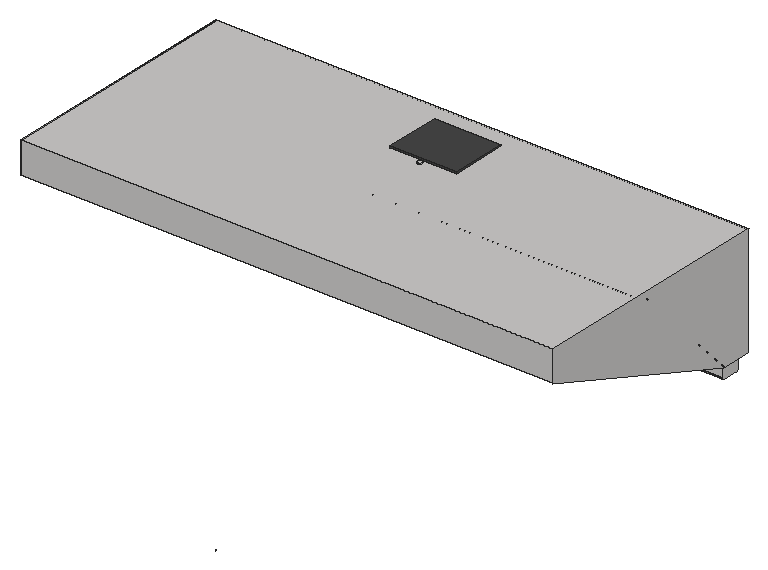
Revit family "QF_ELECTROLUXPROFESSIONAL_644194_AMPV1124BT", category Specialty Equipment, Revit 2014
Reference planes
  plane 1 "Center (Front/Back)": y = 0
  plane 2: z = 0
  plane 3 "Center (Left/Right)": x = 150
  plane 4 "LEFT": x = -1050
  plane 5 "RIGHT": x = 1350
  plane 6 "BACK": y = 550
  plane 7 "FRONT": y = -550
  plane 8 "Plane": z = 2000
  plane 9 "TOP": z = 2140
  plane 10 "Base": z = 1640
  plane 11: z = 1566
  plane 12 "DrainY": y = 485
  plane 13: x = -1047
  plane 14: through (0, 414.509, 1640.8) normal (0, 0.7314, 0.682)
  plane 15: y = 470
  plane 16: y = 220
  plane 17 "DrainX": x = 1230
  plane 18: x = 300
  plane 19: x = 0
  plane 20: x = 1347
  plane 21: x = 1140
  plane 22: x = 1320
  plane 23: x = -1010
  plane 24: x = -645
  plane 25: x = -450
  plane 26: x = 1310
  plane 27: x = 945
  plane 28: x = 750
  plane 29: x = -47.5
  plane 30: x = 347.5
  plane 31: y = 200
Forms (mm)
  Extrusion 1, solid, material "QF_Finishes_Stainless Steel"
    sketch origin (-1050, 0, 0) x (0, 1, 0) y (0, 0, 1)
      loop
        line (550, 1640) -> (550, 2140) -> (-550, 2140) -> (-550, 1999.112) -> (413.973, 1640) -> (550, 1640)
    from 0 to 3
  Extrusion 2, solid, material "QF_Finishes_Stainless Steel"
    sketch origin (150, 0, 0) x (0, 1, 0) y (0, 0, 1)
      loop
        line (415.255, 1640) -> (550, 1640) -> (550, 2139.19) -> (549.2, 2139.19) -> (549.2, 1640.8) -> (415.876, 1640.8) -> (339.347, 1722.867) -> (349.609, 1732.436) -> (348.927, 1733.167) -> (337.934, 1722.917) -> (415.255, 1640)
      loop
        line (-82.203, 2139.19) -> (-82.203, 2118.6) -> (-31.047, 2118.6) -> (34.354, 2048.466) -> (46.028, 2059.352) -> (45.346, 2060.083) -> (34.403, 2049.879) -> (-30.612, 2119.6) -> (-81.203, 2119.6) -> (-81.203, 2139.19) -> (-82.203, 2139.19)
    from -1197 to 1197
  Extrusion 3, solid, material "QF_Finishes_Stainless Steel"
    sketch origin (1350, 0, 0) x (0, 1, 0) y (0, 0, 1)
      loop
        line (550, 1640) -> (550, 2140) -> (-550, 2140) -> (-550, 1999.112) -> (413.973, 1640) -> (550, 1640)
    from 0 to -3
  Extrusion 4, solid, material "QF_Finishes_Stainless Steel"
    sketch origin (150, 0, 0) x (0, 1, 0) y (0, 0, 1)
      loop
        line (-550, 2140) -> (-550, 2000) -> (-549.2, 2000) -> (-549.2, 2139.19) -> (550, 2139.19) -> (550, 2140) -> (-550, 2140)
    from -1200 to 1200
  Extrusion 5, solid, material "QF_Finishes_Stainless Steel"
    sketch origin (150, 0, 0) x (0, 1, 0) y (0, 0, 1)
      loop
        line (534, 1640) -> (436, 1640) -> (436, 1627) -> (443.5, 1627) -> (443.5, 1576)
        arc (443.5, 1576) -> (446.429, 1568.929) -> (453.5, 1566) r 10
        line (453.5, 1566) -> (516.5, 1566)
        arc (516.5, 1566) -> (523.571, 1568.929) -> (526.5, 1576) r 10
        line (526.5, 1576) -> (526.5, 1627) -> (534, 1627) -> (534, 1640)
    from 990 to 1170
  Extrusion 6, solid, material "QF_Finishes_Stainless Steel"
    sketch origin (0, 0, 1640) x (0, 1, 0) y (-1, 0, 0)
      loop
        circle (485, -1230) r 20
    from -76 to -74
  Extrusion 7, solid, material "QF_Finished_Chrome"
    sketch origin (150, 0, 0) x (0, 1, 0) y (0, 0, 1)
      loop
        line (337.934, 1722.917) -> (341.591, 1726.327) -> (38.011, 2051.876) -> (34.354, 2048.466) -> (337.934, 1722.917)
    from -795 to -1160
  Extrusion 8, solid, material "QF_Finished_Chrome"
    sketch origin (150, 0, 0) x (0, 1, 0) y (0, 0, 1)
      loop
        line (337.934, 1722.917) -> (341.591, 1726.327) -> (38.011, 2051.876) -> (34.354, 2048.466) -> (337.934, 1722.917)
    from -197.5 to -600
  Extrusion 9, solid, material "QF_Finishes_Stainless Steel"
    sketch origin (150, 0, 0) x (0, 1, 0) y (0, 0, 1)
      loop
        line (337.934, 1722.917) -> (341.591, 1726.327) -> (38.011, 2051.876) -> (34.354, 2048.466) -> (337.934, 1722.917)
    from 1197 to 1160
  Extrusion 10, solid, material "QF_Finishes_Stainless Steel"
    sketch origin (150, 0, 0) x (0, 1, 0) y (0, 0, 1)
      loop
        line (341.588, 1726.324) -> (38.009, 2051.874) -> (34.354, 2048.466) -> (337.934, 1722.917) -> (341.588, 1726.324)
    from -795 to -600
  Extrusion 11, solid, material "QF_Finished_Chrome"
    sketch origin (150, 0, 0) x (0, 1, 0) y (0, 0, 1)
      loop
        line (341.588, 1726.324) -> (38.009, 2051.874) -> (34.354, 2048.466) -> (337.934, 1722.917) -> (341.588, 1726.324)
    from 795 to 1160
  Extrusion 12, solid, material "QF_Finishes_Black"
    sketch origin (0, 0, 2140) x (0, 1, 0) y (-1, 0, 0)
      loop
        line (470, 0) -> (220, 0) -> (220, -300) -> (470, -300) -> (470, 0)
    from 5 to 0
  Extrusion 13, solid, material "QF_Finishes_Stainless Steel"
    sketch origin (0, 0, 0) x (1, 0, 0) y (0, 1, 0)
      loop
        line (-1050, 550) -> (-1050, 549) -> (-1049, 549) -> (-1049, 550) -> (-1050, 550)
    from 0 to 1
  Extrusion 14, solid, material "QF_Finishes_Stainless Steel"
    sketch origin (150, 0, 0) x (0, 1, 0) y (0, 0, 1)
      loop
        line (337.934, 1722.917) -> (341.591, 1726.327) -> (38.011, 2051.876) -> (34.354, 2048.466) -> (337.934, 1722.917)
    from -1160 to -1197
  Extrusion 15, solid, material "QF_Finishes_Stainless Steel"
    sketch origin (150, 0, 0) x (0, 1, 0) y (0, 0, -1)
      loop
        line (341.588, -1726.324) -> (337.934, -1722.917) -> (34.354, -2048.466) -> (38.009, -2051.874) -> (341.588, -1726.324)
    from -795 to -600
  Extrusion 16, solid, material "QF_Finished_Chrome"
    sketch origin (150, 0, 0) x (0, 1, 0) y (0, 0, 1)
      loop
        line (337.934, 1722.917) -> (341.591, 1726.327) -> (38.011, 2051.876) -> (34.354, 2048.466) -> (337.934, 1722.917)
    from 600 to 197.5
  Extrusion 17, solid, material "QF_Finishes_Stainless Steel"
    sketch origin (150, 0, 0) x (0, 1, 0) y (0, 0, -1)
      loop
        line (341.588, -1726.324) -> (337.934, -1722.917) -> (34.354, -2048.466) -> (38.009, -2051.874) -> (341.588, -1726.324)
    from -197.5 to 197.5
  Extrusion 18, solid, material "QF_Finishes_Stainless Steel"
    sketch origin (0, 0, 2140) x (0, 1, 0) y (-1, 0, 0)
      loop
        circle (200, -150) r 10
    from 0 to 1.6
Cuts and joins
  joined: Extrusion 2, Extrusion 4
Lines and regions (mm)
  reference lines
    curve 1: line (150, 34.354, 2048.466) -> (150, 34.354, 1888.466)
  symbolic lines, style "SpecialityEquipment", detail levels coarse
    curve 2: line (1350, 550, 2140) -> (-1050, 550, 2140)
    curve 3: line (-1050, 550, 2140) -> (-1050, -550, 2140)
    curve 4: line (1350, -550, 2140) -> (1350, 550, 2140)
    curve 5: line (-1050, -550, 2140) -> (1350, -550, 2140)
    curve 6: line (0, 220, 2140) -> (300, 220, 2140)
    curve 7: line (0, 470, 2140) -> (0, 220, 2140)
    curve 8: line (300, 470, 2140) -> (0, 470, 2140)
    curve 9: line (300, 220, 2140) -> (300, 470, 2140)
    curve 10: line (-1050, 550, 0) -> (1350, -550, 0)
    curve 11: line (1350, 550, 0) -> (-1050, -550, 0)
Dimensions and locks
  plane 4 "LEFT" to plane 5 "RIGHT" = 2400 mm
  equal spacing: plane 4 "LEFT", plane 3 "Center (Left/Right)", plane 5 "RIGHT"
  locked: plane 8 "Plane" to level at 2000
  plane 9 "TOP" to plane 8 "Plane" = 140 mm
  locked: plane 9 "TOP" to plane 10 "Base" at 500
  plane 10 "Base" to plane 11 = 74 mm
  plane 6 "BACK" to plane 12 "DrainY" = 65 mm  (x2)
  plane 4 "LEFT" to plane 13 = 3 mm
  plane 6 "BACK" to plane 15 = 80 mm
  plane 15 to plane 16 = 250 mm  (x2)
  plane 17 "DrainX" to plane 5 "RIGHT" = 120 mm
  plane 20 to plane 5 "RIGHT" = 3 mm
  locked: plane 21 to plane 17 "DrainX" at 90
  locked: plane 17 "DrainX" to plane 22 at 90
  plane 6 "BACK" to plane 7 "FRONT" = 1100 mm  (x2)
  equal spacing: plane 6 "BACK", plane 1 "Center (Front/Back)", plane 7 "FRONT"
  plane 16 to plane 7 "FRONT" = 770 mm
  plane 15 to plane 6 "BACK" = 80 mm
  locked: plane 4 "LEFT" to plane 23 at 40
  locked: plane 23 to plane 24 at 365
  locked: plane 24 to plane 25 at 195
  locked: plane 26 to plane 27 at 365
  locked: plane 27 to plane 28 at 195
  locked: plane 26 to plane 5 "RIGHT" at 40
  locked: plane 29 to plane 30 at 395
  equal spacing: plane 29, plane 3 "Center (Left/Right)", plane 30
  locked: plane 19 to plane 18 at 300
  equal spacing: plane 19, plane 3 "Center (Left/Right)", plane 18
  plane 25 to plane 29 = 402.5 mm
  plane 30 to plane 28 = 402.5 mm
  plane 16 to plane 31 = 20 mm
  aligned and locked: level to plane 2
  aligned and locked: Extrusion 2 to Extrusion 1
  aligned and locked: Extrusion 2 to Extrusion 3
  aligned and locked: plane 5 "RIGHT" to Extrusion 4
  aligned and locked: Extrusion 4 to plane 4 "LEFT"
  aligned and locked: plane 20 to Extrusion 9
  aligned and locked: plane 19 to Extrusion 12
  aligned and locked: Extrusion 12 to plane 18
  aligned and locked: Extrusion 12 to plane 16
  aligned and locked: Extrusion 12 to plane 15
  aligned and locked: Extrusion 2 to Extrusion 4
  aligned and locked: plane 22 to Extrusion 5
  aligned and locked: Extrusion 5 to plane 21
  aligned and locked: Extrusion 9 to plane 26
  aligned and locked: Extrusion 11 to plane 26
  aligned and locked: Extrusion 11 to plane 27
  aligned and locked: Extrusion 8 to plane 25
  aligned and locked: plane 25 to Extrusion 10
  aligned and locked: Extrusion 10 to plane 24
  aligned and locked: plane 24 to Extrusion 7
  aligned and locked: Extrusion 7 to plane 23
  aligned and locked: Extrusion 14 to plane 13
  aligned and locked: plane 23 to Extrusion 14
  aligned and locked: Extrusion 15 to plane 28
  aligned and locked: Extrusion 15 to plane 27
  aligned and locked: Extrusion 3 to plane 20
  aligned and locked: plane 29 to Extrusion 8
  aligned and locked: Extrusion 16 to plane 28
  aligned and locked: Extrusion 16 to plane 30
  aligned and locked: plane 30 to Extrusion 17
  aligned and locked: Extrusion 17 to plane 29
Automatic sketch dimensions
  curve 5 to plane 4 "LEFT" = 0 mm
  curve 5 to plane 7 "FRONT" = 0 mm
  curve 9 to plane 16 = 0 mm
  plane 15 to curve 8 = 0 mm
  curve 3 to plane 6 "BACK" = 0 mm
  curve 5 to plane 5 "RIGHT" = 0 mm
  curve 6 to plane 18 = 0 mm
  curve 6 to plane 19 = 0 mm
  Extrusion 1 sketch curve to plane 7 "FRONT" = 0 mm
  Extrusion 1 sketch curve to plane 10 "Base" = 0 mm
  Extrusion 1 sketch curve to plane 6 "BACK" = 0 mm
  Extrusion 1 sketch curve to plane 9 "TOP" = 0 mm
  plane 15 to Extrusion 1 sketch curve = 56.027 mm
  Extrusion 1 sketch curve to plane 8 "Plane" = 0.888 mm
  Extrusion 2 sketch curve to plane 14 = 0 mm  (x3)
  Extrusion 2 sketch curve to plane 10 "Base" = 0 mm
  plane 14 to Extrusion 2 sketch curve = 0 mm
  Extrusion 2 sketch curve to plane 6 "BACK" = 0 mm
  Extrusion 2 sketch curve to Extrusion 2 sketch curve = 65.646 mm
  Extrusion 2 sketch curve to Extrusion 2 sketch curve = 0.682 mm  (x2)
  Extrusion 2 sketch curve to Extrusion 2 sketch curve = 10.261 mm
  plane 10 "Base" to Extrusion 2 sketch curve = 82.917 mm
  Extrusion 2 sketch curve to plane 1 "Center (Front/Back)" = 46.028 mm
  Extrusion 2 sketch curve to Extrusion 2 sketch curve = 10.942 mm
  Extrusion 2 sketch curve to Extrusion 2 sketch curve = 0.049 mm
  Extrusion 2 sketch curve to plane 9 "TOP" = 20.4 mm
  Extrusion 2 sketch curve to plane 9 "TOP" = 21.4 mm
  Extrusion 2 sketch curve to plane 9 "TOP" = 0.81 mm  (x2)
  Extrusion 2 sketch curve to Extrusion 2 sketch curve = 50.156 mm
  Extrusion 2 sketch curve to Extrusion 2 sketch curve = 1 mm
  plane 10 "Base" to Extrusion 2 sketch curve = 0.8 mm
  Extrusion 2 sketch curve to plane 6 "BACK" = 0.8 mm
  Extrusion 3 sketch curve to plane 7 "FRONT" = 0 mm
  Extrusion 3 sketch curve to plane 10 "Base" = 0 mm
  Extrusion 3 sketch curve to plane 6 "BACK" = 0 mm
  Extrusion 3 sketch curve to plane 9 "TOP" = 0 mm
  plane 15 to Extrusion 3 sketch curve = 56.027 mm
  Extrusion 3 sketch curve to plane 8 "Plane" = 0.888 mm
  Extrusion 4 sketch curve to plane 7 "FRONT" = 0 mm
  Extrusion 4 sketch curve to plane 8 "Plane" = 0 mm
  Extrusion 4 sketch curve to plane 6 "BACK" = 0 mm
  Extrusion 4 sketch curve to plane 9 "TOP" = 0 mm
  plane 7 "FRONT" to Extrusion 4 sketch curve = 0.8 mm
  Extrusion 4 sketch curve to plane 9 "TOP" = 0.81 mm
  curve 1 to plane 14 = 0 mm
  curve 1 to plane 1 "Center (Front/Back)" = 34.354 mm
  curve 1 to plane 8 "Plane" = 111.534 mm
  Extrusion 5 sketch curve to plane 10 "Base" = 0 mm
  Extrusion 5 sketch curve to plane 11 = 0 mm
  Extrusion 5 sketch curve to plane 10 "Base" = 13 mm  (x2)
  plane 15 to Extrusion 5 sketch curve = 34 mm
  Extrusion 5 sketch curve to Extrusion 5 sketch curve = 7.5 mm  (x2)
  Extrusion 5 sketch curve to Extrusion 5 sketch curve = 10 mm
  plane 12 "DrainY" to Extrusion 5 sketch curve = 31.5 mm
  Extrusion 5 sketch curve to plane 6 "BACK" = 23.5 mm
  Extrusion 6 sketch curve to plane 12 "DrainY" = 0 mm
  Extrusion 6 sketch curve to plane 17 "DrainX" = 0 mm
  Extrusion 7 sketch curve to plane 14 = 0 mm  (x2)
  Extrusion 7 sketch curve to plane 1 "Center (Front/Back)" = 34.354 mm
  Extrusion 7 sketch curve to Extrusion 7 sketch curve = 3.657 mm
  plane 10 "Base" to Extrusion 7 sketch curve = 82.917 mm
  Extrusion 8 sketch curve to plane 14 = 0 mm  (x2)
  Extrusion 8 sketch curve to plane 1 "Center (Front/Back)" = 34.354 mm
  Extrusion 8 sketch curve to Extrusion 8 sketch curve = 3.657 mm
  plane 10 "Base" to Extrusion 8 sketch curve = 82.917 mm
  Extrusion 9 sketch curve to plane 14 = 0 mm  (x2)
  Extrusion 9 sketch curve to plane 1 "Center (Front/Back)" = 34.354 mm
  Extrusion 9 sketch curve to Extrusion 9 sketch curve = 3.657 mm
  plane 10 "Base" to Extrusion 9 sketch curve = 82.917 mm
  Extrusion 10 sketch curve to plane 14 = 0 mm  (x2)
  Extrusion 10 sketch curve to plane 1 "Center (Front/Back)" = 34.354 mm
  Extrusion 10 sketch curve to Extrusion 10 sketch curve = 3.655 mm
  plane 10 "Base" to Extrusion 10 sketch curve = 82.917 mm
  Extrusion 11 sketch curve to plane 14 = 0 mm  (x2)
  Extrusion 11 sketch curve to plane 1 "Center (Front/Back)" = 34.354 mm
  Extrusion 11 sketch curve to Extrusion 11 sketch curve = 3.655 mm
  plane 10 "Base" to Extrusion 11 sketch curve = 82.917 mm
  Extrusion 12 sketch curve to plane 16 = 0 mm
  plane 15 to Extrusion 12 sketch curve = 0 mm
  Extrusion 12 sketch curve to plane 18 = 0 mm
  Extrusion 12 sketch curve to plane 19 = 0 mm
  Extrusion 13 sketch curve to plane 4 "LEFT" = 0 mm
  Extrusion 13 sketch curve to plane 6 "BACK" = 0 mm
  plane 4 "LEFT" to Extrusion 13 sketch curve = 1 mm
  Extrusion 13 sketch curve to Extrusion 13 sketch curve = 1 mm
  Extrusion 14 sketch curve to plane 14 = 0 mm  (x2)
  Extrusion 14 sketch curve to plane 1 "Center (Front/Back)" = 34.354 mm
  Extrusion 14 sketch curve to Extrusion 14 sketch curve = 3.657 mm
  plane 10 "Base" to Extrusion 14 sketch curve = 82.917 mm
  Extrusion 15 sketch curve to plane 14 = 0 mm  (x2)
  Extrusion 15 sketch curve to plane 1 "Center (Front/Back)" = 34.354 mm
  Extrusion 15 sketch curve to Extrusion 15 sketch curve = 3.655 mm
  plane 10 "Base" to Extrusion 15 sketch curve = 82.917 mm
  Extrusion 16 sketch curve to plane 14 = 0 mm  (x2)
  Extrusion 16 sketch curve to plane 1 "Center (Front/Back)" = 34.354 mm
  Extrusion 16 sketch curve to Extrusion 16 sketch curve = 3.657 mm
  plane 10 "Base" to Extrusion 16 sketch curve = 82.917 mm
  Extrusion 17 sketch curve to plane 14 = 0 mm  (x2)
  Extrusion 17 sketch curve to plane 1 "Center (Front/Back)" = 34.354 mm
  Extrusion 17 sketch curve to Extrusion 17 sketch curve = 3.655 mm
  plane 10 "Base" to Extrusion 17 sketch curve = 82.917 mm
  curve 11 to plane 4 "LEFT" = 0 mm
  curve 10 to plane 4 "LEFT" = 0 mm
  curve 11 to plane 5 "RIGHT" = 0 mm
  curve 10 to plane 5 "RIGHT" = 0 mm
  curve 10 to plane 7 "FRONT" = 0 mm
  curve 11 to plane 7 "FRONT" = 0 mm
  curve 11 to plane 6 "BACK" = 0 mm
  curve 10 to plane 6 "BACK" = 0 mm
  Extrusion 18 sketch curve to plane 3 "Center (Left/Right)" = 0 mm
  Extrusion 18 sketch curve to plane 31 = 0 mm
  radius of Extrusion 6 sketch curve = 20 mm
  radius of Extrusion 18 sketch curve = 10 mm
Connectors
  piping at (1230, 485, 1564), diameter 20
    settings: on Extrusion 6, index 1, connector inside diameter 609.6 mm, connector length 0 mm, flow factor 0, pipe flow 0.0 L/s, pressure drop 0.0 Pa, fitting loss kfactor 0, connector angle 0.00°, fixture units 0, engagement length 0 mm, angle of deflection 0.00°, flow configuration 1, flow direction 2, fitting loss method 0, system type 16, joint type 0, gender type 0, connector reference index -1, connector utility 0, adjustable connector no, is connector primary yes, connector description "Drain"
  hvac at (150, 345, 2145)
    settings: on Extrusion 12, index 2, duct flow 0.0 L/s, flow factor 0, pres drop 0.0 Pa, loss coef 0, conn angle 0.00°, conn width 250 mm, conn height 300 mm, conn diameter 609.6 mm, duct sys type 3, conn prof type 1, flow config 1, flow direction 0, loss method 0, conn ref index -1, conn util no, is conn primary yes, conn desc "EXHAUST OUTLET"
  electrical at (150, 200, 2141.6)
    settings: on Extrusion 18, index 3, voltage 0 V, apparent load 0 VA, apparent load phase1 0 VA, apparent load phase2 0 VA, apparent load phase3 0 VA, power factor 1, load classification "Other", number of poles 1, system type 30, power factor state 1, is connector primary yes, connector utility no, sub classification motor no, connector description "Electrical Connection"
